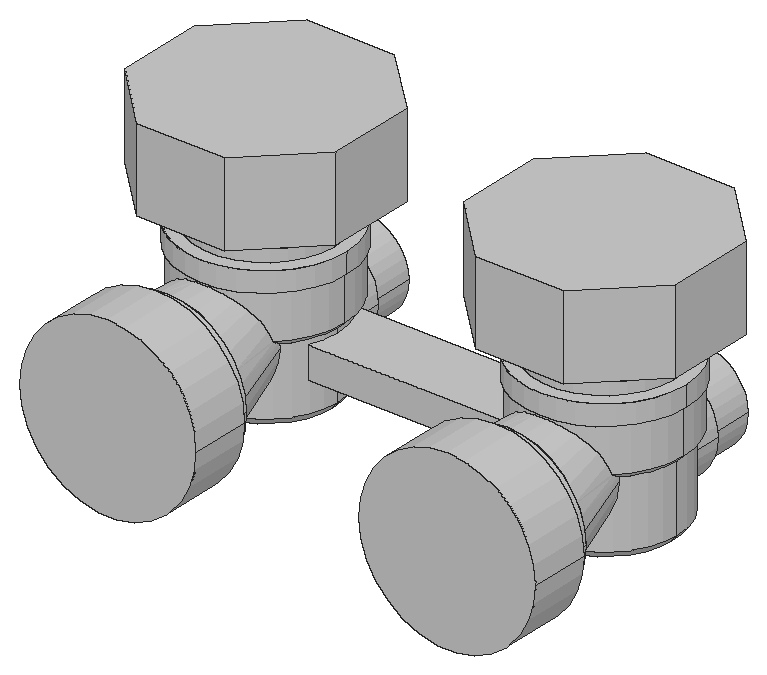
Revit family "ME_Оборудование [узел угловой для нижнего подключения радиатора угловой VT.345.NA]1 - VALTEC", category Оборудование, Revit 2018
Family settings
  Размер круглого соединителя = Использовать диаметр
  Классификация = Нет
  Тип детали = Вставляется
  На основе рабочей плоскости = Нет
  Всегда вертикально = Да
  При загрузке вырезать с полостями = Нет
  Общий = Нет
  Точка расчета площади = Нет
Parameters (values of type "VT.345.NA")
  Таблица 2 = "ME_Оборудование [узел угловой для нижнего подключения радиатора угловой VT.345.NA] - VALTEC - Таблица 2"  # constant formula
  Таблица 1 = "ME_Оборудование [узел угловой для нижнего подключения радиатора угловой VT.345.NA] - VALTEC - Таблица 1"  # constant formula
  Материал доп.2 = Латунь - VALTEC
  Материал доп.1 = Черный - VALTEC
  Изготовитель = "VALTEC"  # constant formula
  dn9 [instance] = size_lookup(Таблица 1, "dn9", 0 mm, d)  # 23.3 mm
  dn8 [instance] = size_lookup(Таблица 1, "dn8", 0 mm, d)  # 26 mm
  dn7 [instance] = size_lookup(Таблица 1, "dn7", 0 mm, d)  # 31.2 mm
  dn6 [instance] = size_lookup(Таблица 1, "dn6", 0 mm, d)  # 19.6 mm
  dn13 [instance] = size_lookup(Таблица 1, "dn13", 0 mm, d)  # 13.5 mm
  dn12 [instance] = size_lookup(Таблица 1, "dn12", 0 mm, d)  # 15.3 mm
  dn11 [instance] = size_lookup(Таблица 1, "dn11", 0 mm, d)  # 12.5 mm
  dn10 [instance] = size_lookup(Таблица 1, "dn10", 0 mm, d)  # 20.1 mm
  e7 [instance] = size_lookup(Таблица 1, "e7", 0 mm, d)  # 8.8 mm
  e6 [instance] = size_lookup(Таблица 1, "e6", 0 mm, d)  # 2.1 mm
  e5 [instance] = size_lookup(Таблица 1, "e5", 0 mm, d)  # 0.9 mm
  e4 [instance] = size_lookup(Таблица 1, "e4", 0 mm, d)  # 17.2 mm
  e3 [instance] = size_lookup(Таблица 1, "e3", 0 mm, d)  # 11.2 mm
  c3 [instance] = size_lookup(Таблица 1, "c3", 0 mm, d)  # 4.6 mm
  c2 [instance] = size_lookup(Таблица 1, "c2", 0 mm, d)  # 4.3 mm
  c1 [instance] = size_lookup(Таблица 1, "c1", 0 mm, d)  # 6.2 mm
  a9 [instance] = size_lookup(Таблица 1, "a9", 0 mm, d)  # 12.2 mm
  a8 [instance] = size_lookup(Таблица 1, "a8", 0 mm, d)  # 3.2 mm
  a7 [instance] = size_lookup(Таблица 1, "a7", 0 mm, d)  # 1.8 mm
  a6 [instance] = size_lookup(Таблица 1, "a6", 0 mm, d)  # 3 mm
  a5 [instance] = size_lookup(Таблица 1, "a5", 0 mm, d)  # 6.6 mm
  a4 [instance] = size_lookup(Таблица 1, "a4", 0 mm, d)  # 0.9 mm
  a3 [instance] = size_lookup(Таблица 1, "a3", 0 mm, d)  # 3 mm
  a2 [instance] = size_lookup(Таблица 1, "a2", 0 mm, d)  # 6.9 mm
  E [instance] = size_lookup(Таблица 1, "E", 0 mm, d)  # 47 mm
  D [instance] = size_lookup(Таблица 1, "D", 0 mm, d)  # 42 mm
  C [instance] = size_lookup(Таблица 1, "C", 0 mm, d)  # 26 mm
  B [instance] = size_lookup(Таблица 1, "B", 0 mm, d)  # 50 mm
  e2 [instance] = size_lookup(Таблица 1, "e2", 0 mm, d)  # 0.8 mm
  dn5 [instance] = size_lookup(Таблица 1, "dn5", 0 mm, d)  # 20.3 mm
  dn4 [instance] = size_lookup(Таблица 1, "dn4", 0 mm, d)  # 24.1 mm
  dn3 [instance] = size_lookup(Таблица 1, "dn3", 0 mm, d)  # 23.3 mm
  dn2 [instance] = size_lookup(Таблица 1, "dn2", 0 mm, d)  # 21.3 mm
  dn1 [instance] = size_lookup(Таблица 1, "dn1", 0 mm, d)  # 19.7 mm
  d [instance] = 20 mm
  e1 [instance] = size_lookup(Таблица 1, "e1", 0 mm, d)  # 5.9 mm
  a1 [instance] = size_lookup(Таблица 1, "a1", 0 mm, d)  # 1 mm
  URL = "https://valtec.ru/"
  ADSK_Расход жидкости [instance] = 0.0 L/s
  ADSK_Примечание [instance] = ""
  ADSK_Потеря давления жидкости [instance] = 0.0 Pa
  ADSK_Позиция [instance] = ""
  ADSK_Обозначение [instance] = "VT.345.NA"  # constant formula
  ADSK_Наименование [instance] = size_lookup(Таблица 1, "", "Данный типоразмер отсутствует", d)  # "Узел угловой для нижнего подключения радиатора угловой, 3/4\", «евроконус»"
  ADSK_Материал = Сталь, нержавеющая - VALTEC
  ADSK_Масса [instance] = 0
  ADSK_Марка [instance] = size_lookup(Таблица 2, "", "Данный типоразмер отсутствует", d)  # "VT.345.NA.05"
  ADSK_Код изделия [instance] = size_lookup(Таблица 2, "", "Данный типоразмер отсутствует", d)  # "VT.345.NA.05"
  ADSK_Завод-изготовитель [instance] = Изготовитель  # "VALTEC"
  ADSK_Единица измерения [instance] = "шт."  # constant formula
  ADSK_URL страницы изделия = "https://valtec.ru/catalog/radiatornaya_armatura/ruchnye_klapany_dlya_radiatorov/uzel_nijnego_podklyucheniya_radiatora_uglovoj.html"
  ADSK_URL документации изделия = "https://valtec.ru/document/technical/VT.345-r-k-na-kna-0119.pdf"
  A [instance] = size_lookup(Таблица 1, "A", 0 mm, d)  # 35 mm
Reference planes
  plane 1 "По центру (Вперед/Назад)": y = 0
  plane 2: z = 0
  plane 3 "По центру (Влево/Вправо)": x = 0
  plane 4: x = -25
  plane 5: z = 10.5
  plane 6: z = 3.9
  plane 7: x = 25
  plane 8: z = -7.9
  plane 9: z = -6.9
  plane 10: z = 3
  plane 11: z = 13.5
  plane 12: z = 15.3
  plane 13: z = 18.5
  plane 14: z = 30.7
  plane 15 "c1": z = 2.3
  plane 16 "c2": z = -2.3
  plane 17: y = -4.3
  plane 18: y = 6.2
  plane 19: y = 11.2
  plane 20: y = 12
  plane 21: y = 17.9
  plane 22: y = -17.2
  plane 23: y = -18.1
  plane 24: y = -20.2
  plane 25: y = -29
  plane 26: z = 3.8
  plane 27: z = 3.8
  plane 28: y = 19.871
  plane 29: x = -25.688
  plane 30: x = -24.312
  plane 31: x = 25.688
  plane 32: x = 24.312
Forms (mm)
  Extrusion 1, solid, material "Сталь, нержавеющая - VALTEC" <- "ADSK_Материал", detail levels medium+fine
    sketch origin (0, 0, 0) x (1, 0, 0) y (0, 1, 0)
      loop
        circle (-25, 0) r 10.65
      loop
        circle (25, 0) r 10.65
    from -6.9 to 3
  Blend 2, solid, material "Сталь, нержавеющая - VALTEC" <- "ADSK_Материал", detail levels medium+fine
    base sketch origin (0, 0, 0) x (1, 0, 0) y (0, 1, 0)
      loop
        circle (-25, 0) r 9.85
    top sketch origin (0, 0, 0) x (1, 0, 0) y (0, 1, 0)
      loop
        circle (-25, 0) r 10.65
    from -7.9 to -6.9
  Blend 3, solid, material "Сталь, нержавеющая - VALTEC" <- "ADSK_Материал", detail levels medium+fine
    base sketch origin (50, 0, 0) x (1, 0, 0) y (0, 1, 0)
      loop
        circle (-25, 0) r 9.85
    top sketch origin (50, 0, 0) x (1, 0, 0) y (0, 1, 0)
      loop
        circle (-25, 0) r 10.65
    from -7.9 to -6.9
  Blend 4, solid, material "Сталь, нержавеющая - VALTEC" <- "ADSK_Материал", detail levels medium+fine
    base sketch origin (0, 0, 0) x (1, 0, 0) y (0, 1, 0)
      loop
        circle (-25, 0) r 10.65
    top sketch origin (0, 0, 0) x (1, 0, 0) y (0, 1, 0)
      loop
        circle (-25, 0) r 11.65
    from 3 to 3.9
  Blend 5, solid, material "Сталь, нержавеющая - VALTEC" <- "ADSK_Материал", detail levels medium+fine
    base sketch origin (50, 0, 0) x (1, 0, 0) y (0, 1, 0)
      loop
        circle (-25, 0) r 10.65
    top sketch origin (50, 0, 0) x (1, 0, 0) y (0, 1, 0)
      loop
        circle (-25, 0) r 11.65
    from 3 to 3.9
  Extrusion 6, solid, material "Сталь, нержавеющая - VALTEC" <- "ADSK_Материал", detail levels medium+fine
    sketch origin (0, 0, 0) x (1, 0, 0) y (0, 1, 0)
      loop
        circle (25, 0) r 11.65
      loop
        circle (-25, 0) r 11.65
    from 3.9 to 10.5
  Extrusion 7, solid, material "Сталь, нержавеющая - VALTEC" <- "ADSK_Материал", detail levels medium+fine
    sketch origin (0, 0, 0) x (1, 0, 0) y (0, 1, 0)
      loop
        circle (25, 0) r 12.05
      loop
        circle (-25, 0) r 12.05
    from 10.5 to 13.5
  Extrusion 8, solid, material "Сталь, нержавеющая - VALTEC" <- "ADSK_Материал", detail levels medium+fine
    sketch origin (0, 0, 0) x (1, 0, 0) y (0, 1, 0)
      loop
        circle (-25, 0) r 10.15
      loop
        circle (25, 0) r 10.15
    from 13.5 to 15.3
  Extrusion 9, solid, material "Сталь, нержавеющая - VALTEC" <- "ADSK_Материал", detail levels medium+fine
    sketch origin (0, 0, 0) x (1, 0, 0) y (0, 1, 0)
      loop
        circle (-25, 0) r 9.8
      loop
        circle (25, 0) r 9.8
    from 18.5 to 15.3
  Extrusion 10, solid, material "Сталь, нержавеющая - VALTEC" <- "ADSK_Материал", detail levels medium+fine
    sketch origin (0, 0, 0) x (1, 0, 0) y (0, 0, 1)
      loop
        line (-25, 2.3) -> (-25, -2.3) -> (25, -2.3) -> (25, 2.3) -> (-25, 2.3)
    from -6.2 to 4.3
  Extrusion 11, solid, material "Сталь, нержавеющая - VALTEC" <- "ADSK_Материал", detail levels medium+fine
    sketch origin (0, 0, 0) x (1, 0, 0) y (0, 0, 1)
      loop
        circle (-25, 0) r 6.75
      loop
        circle (25, 0) r 6.75
    from -17.9 to -12
  Blend 12, solid, material "Сталь, нержавеющая - VALTEC" <- "ADSK_Материал", detail levels medium+fine
    base sketch origin (0, 0, 0) x (1, 0, 0) y (0, 0, 1)
      loop
        circle (-25, 0) r 6.75
    top sketch origin (0, 0, 0) x (1, 0, 0) y (0, 0, 1)
      loop
        circle (-25, 0) r 7.65
    from -12 to -11.2
  Blend 13, solid, material "Сталь, нержавеющая - VALTEC" <- "ADSK_Материал", detail levels medium+fine
    base sketch origin (50, 0, 0) x (1, 0, 0) y (0, 0, 1)
      loop
        circle (-25, 0) r 6.75
    top sketch origin (50, 0, 0) x (1, 0, 0) y (0, 0, 1)
      loop
        circle (-25, 0) r 7.65
    from -12 to -11.2
  Extrusion 14, solid, material "Сталь, нержавеющая - VALTEC" <- "ADSK_Материал", detail levels medium+fine
    sketch origin (0, 0, 0) x (1, 0, 0) y (0, 0, 1)
      loop
        circle (-25, 0) r 7.65
      loop
        circle (25, 0) r 7.65
    from -11.2 to 0
  Blend 15, solid, material "Сталь, нержавеющая - VALTEC" <- "ADSK_Материал", detail levels medium+fine
    base sketch origin (0, 0, 0) x (1, 0, 0) y (0, 0, 1)
      loop
        circle (-25, 0) r 10.05
    top sketch origin (0, 0, 0) x (1, 0, 0) y (0, 0, 1)
      loop
        circle (-25, 3.8) r 6.25
    from 17.2 to 0
  Blend 16, solid, material "Сталь, нержавеющая - VALTEC" <- "ADSK_Материал", detail levels medium+fine
    base sketch origin (50, 0, 0) x (1, 0, 0) y (0, 0, 1)
      loop
        circle (-25, 0) r 10.05
    top sketch origin (50, 0, 0) x (1, 0, 0) y (0, 0, 1)
      loop
        circle (-25, 3.8) r 6.25
    from 17.2 to 0
  Blend 17, solid, material "Сталь, нержавеющая - VALTEC" <- "ADSK_Материал", detail levels medium+fine
    base sketch origin (0, 0, 0) x (1, 0, 0) y (0, 0, 1)
      loop
        circle (-25, 0) r 11.65
    top sketch origin (0, 0, 0) x (1, 0, 0) y (0, 0, 1)
      loop
        circle (-25, 0) r 10.05
    from 18.1 to 17.2
  Blend 18, solid, material "Сталь, нержавеющая - VALTEC" <- "ADSK_Материал", detail levels medium+fine
    base sketch origin (50, 0, 0) x (1, 0, 0) y (0, 0, 1)
      loop
        circle (-25, 0) r 11.65
    top sketch origin (50, 0, 0) x (1, 0, 0) y (0, 0, 1)
      loop
        circle (-25, 0) r 10.05
    from 18.1 to 17.2
  Extrusion 19, solid, material "Сталь, нержавеющая - VALTEC" <- "ADSK_Материал", detail levels medium+fine
    sketch origin (0, 0, 0) x (1, 0, 0) y (0, 0, 1)
      loop
        circle (-25, 0) r 11.65
      loop
        circle (25, 0) r 11.65
    from 18.1 to 20.2
  Extrusion 20, solid, material "Сталь, нержавеющая - VALTEC" <- "ADSK_Материал", detail levels medium+fine
    sketch origin (0, 0, 0) x (1, 0, 0) y (0, 0, 1)
      loop
        circle (-25, 0) r 13
      loop
        circle (25, 0) r 13
    from 20.2 to 29
  Extrusion 21, solid, material "Латунь - VALTEC" <- "Материал доп.2", detail levels medium+fine
    sketch origin (0, 0, 0) x (1, 0, 0) y (0, 0, 1)
      loop
        circle (-25, 0) r 3.96
      loop
        circle (25, 0) r 4
    from -19.871 to -17.9
  Extrusion 22, void
    sketch origin (0, 0, 0) x (1, 0, 0) y (0, 1, 0)
      loop
        line (-25.688, 19.871) -> (-25.688, 17.9) -> (-24.312, 17.9) -> (-24.312, 19.871) -> (-25.688, 19.871)
      loop
        line (24.312, 19.871) -> (24.312, 17.9) -> (25.688, 17.9) -> (25.688, 19.871) -> (24.312, 19.871)
    from -5 to 5
Cuts and joins
  Extrusion 22 cuts Extrusion 1
  Extrusion 22 cuts Blend 2
  Extrusion 22 cuts Blend 3
  Extrusion 22 cuts Blend 4
  Extrusion 22 cuts Blend 5
  Extrusion 22 cuts Extrusion 6
  Extrusion 22 cuts Extrusion 7
  Extrusion 22 cuts Extrusion 8
  Extrusion 22 cuts Extrusion 9
  Extrusion 22 cuts Extrusion 10
  Extrusion 22 cuts Extrusion 11
  Extrusion 22 cuts Blend 12
  Extrusion 22 cuts Blend 13
  Extrusion 22 cuts Extrusion 14
  Extrusion 22 cuts Blend 15
  Extrusion 22 cuts Blend 16
  Extrusion 22 cuts Extrusion 19
  Extrusion 22 cuts Extrusion 20
  joined: Extrusion 1, Blend 2, Blend 3, Blend 4, Blend 5, Extrusion 6, Extrusion 7, Extrusion 8, Extrusion 9, Extrusion 10, Extrusion 11, Blend 12, Blend 13, Extrusion 14, Blend 15, Blend 16, Extrusion 19, Extrusion 20
  Extrusion 22 cuts Extrusion 21
Lines and regions (mm)
  reference lines
    curve 1: line (25, -20.2, 0) -> (25, 0, 0)
    curve 2: line (-25, -20.2, 0) -> (-25, 0, 0)
    curve 3: line (-25, 0, 30.7) -> (-25, 0, 0)
    curve 4: line (25, 0, 30.7) -> (25, 0, 0)
  model lines, detail levels coarse
    curve 5: line (25, -20.2, -15) -> (25, -20.2, 15)
    curve 6: line (25, -20.2, -15) -> (25, 0, 0)
    curve 7: line (25, -20.2, 15) -> (25, 0, 0)
    curve 8: line (25, 15, 20.2) -> (25, -15, 20.2)
    curve 9: line (25, 0, 0) -> (25, 15, 20.2)
    curve 10: line (25, 0, 0) -> (25, -15, 20.2)
    curve 11: line (25, 0, 20.2) -> (25, 0, 30.7)
    curve 12: line (25, -29, 0) -> (25, -20.2, 0)
    curve 13: line (-25, -20.2, -15) -> (-25, -20.2, 15)
    curve 14: line (-25, 15, 20.2) -> (-25, -15, 20.2)
    curve 15: line (-25, 0, 0) -> (-25, -15, 20.2)
    curve 16: line (-25, 0, 0) -> (-25, 15, 20.2)
    curve 17: line (-25, 0, 0) -> (-25, -20.2, 15)
    curve 18: line (-25, 0, 0) -> (-25, -20.2, -15)
    curve 19: line (-25, -29, 0) -> (-25, -20.2, 0)
    curve 20: line (-25, 0, 20.2) -> (-25, 0, 30.7)
  symbolic lines, detail levels coarse
    curve 21: line (-25, -29, 0) -> (-25, 0, 0)
    curve 22: line (25, -29, 0) -> (25, 0, 0)
Dimensions and locks
  equal spacing: plane 7, plane 3 "По центру (Влево/Вправо)", plane 4
  "B": plane 7 to plane 4
  "a1": plane 9 to plane 8
  "a2": plane 2 to plane 9
  "a3": plane 10 to plane 2
  "a4": plane 6 to plane 10
  "a5": plane 5 to plane 6
  "a6": plane 11 to plane 5
  "a7": plane 12 to plane 11
  "a8": plane 13 to plane 12
  "a9": plane 14 to plane 13
  equal spacing: plane 15 "c1", level, plane 16 "c2"
  "c3": plane 15 "c1" to plane 16 "c2"
  "c1": plane 1 "По центру (Вперед/Назад)" to plane 18
  "c2": plane 17 to plane 1 "По центру (Вперед/Назад)"
  "e3": plane 19 to plane 1 "По центру (Вперед/Назад)"
  "e2": plane 20 to plane 19
  "e1": plane 21 to plane 20
  "e4": plane 1 "По центру (Вперед/Назад)" to plane 22
  "e5": plane 22 to plane 23
  "e6": plane 23 to plane 24
  "e7": plane 24 to plane 25
  locked: plane 26 to plane 15 "c1" at 1.5
  locked: plane 27 to level at 3.8
  locked: plane 28 to plane 21 at 1.971
  locked: plane 29 to plane 4 at 0.688
  locked: plane 4 to plane 30 at 0.688
  locked: plane 32 to plane 7 at 0.688
  locked: plane 7 to plane 31 at 0.688
  locked: curve 8 to level at 20.2
  curve 8 to plane 1 "По центру (Вперед/Назад)" to curve 8 = 15 mm locked, 15 mm locked
  curve 7 to level to curve 6 = 15 mm locked, 15 mm locked
  locked: curve 14 to level at 20.2
  curve 13 to level to curve 13 = 15 mm locked, 15 mm locked
  curve 15 to plane 1 "По центру (Вперед/Назад)" to curve 16 = 15 mm locked, 15 mm locked
  "dn2": diameter of Extrusion 1 sketch curve  (x2)
  "dn1": diameter of Blend 2 sketch curve
  "dn2": diameter of Blend 2 sketch curve
  "dn1": diameter of Blend 3 sketch curve
  "dn2": diameter of Blend 3 sketch curve
  "dn2": diameter of Blend 4 sketch curve
  "dn3": diameter of Blend 4 sketch curve
  "dn2": diameter of Blend 5 sketch curve
  "dn3": diameter of Blend 5 sketch curve
  "dn3": diameter of Extrusion 6 sketch curve  (x2)
  "dn4": diameter of Extrusion 7 sketch curve  (x2)
  "dn5": diameter of Extrusion 8 sketch curve  (x2)
  "dn6": diameter of Extrusion 9 sketch curve  (x2)
  "dn13": diameter of Extrusion 11 sketch curve  (x2)
  "dn13": diameter of Blend 12 sketch curve
  "dn12": diameter of Blend 12 sketch curve
  "dn13": diameter of Blend 13 sketch curve
  "dn12": diameter of Blend 13 sketch curve
  "dn12": diameter of Extrusion 14 sketch curve  (x2)
  "dn10": diameter of Blend 15 sketch curve
  "dn11": diameter of Blend 15 sketch curve
  "dn10": diameter of Blend 16 sketch curve
  "dn11": diameter of Blend 16 sketch curve
  "dn9": diameter of Blend 17 sketch curve
  "dn10": diameter of Blend 17 sketch curve
  "dn9": diameter of Blend 18 sketch curve
  "dn10": diameter of Blend 18 sketch curve
  "dn9": diameter of Extrusion 19 sketch curve  (x2)
  "dn8": diameter of Extrusion 20 sketch curve  (x2)
  diameter of Extrusion 21 sketch curve = 7.92 mm
  diameter of Extrusion 21 sketch curve = 8 mm
  aligned and locked: level to plane 2
  aligned and locked: plane 7 to Extrusion 1 sketch curve
  aligned and locked: plane 4 to Extrusion 1 sketch curve
  aligned and locked: plane 1 "По центру (Вперед/Назад)" to Extrusion 1 sketch curve  (x2)
  aligned and locked: plane 1 "По центру (Вперед/Назад)" to Blend 2 sketch curve  (x2)
  aligned and locked: plane 4 to Blend 2 sketch curve  (x2)
  aligned and locked: plane 1 "По центру (Вперед/Назад)" to Blend 3 sketch curve  (x2)
  aligned and locked: plane 7 to Blend 3 sketch curve  (x2)
  aligned and locked: plane 9 to Blend 3
  aligned and locked: Blend 3 to plane 8
  aligned and locked: Extrusion 1 to plane 9
  aligned and locked: plane 10 to Extrusion 1
  aligned and locked: Blend 2 to plane 8
  aligned and locked: plane 9 to Blend 2
  aligned and locked: plane 1 "По центру (Вперед/Назад)" to Blend 4 sketch curve  (x2)
  aligned and locked: plane 4 to Blend 4 sketch curve  (x2)
  aligned and locked: plane 1 "По центру (Вперед/Назад)" to Blend 5 sketch curve  (x2)
  aligned and locked: plane 7 to Blend 5 sketch curve  (x2)
  aligned and locked: plane 1 "По центру (Вперед/Назад)" to Extrusion 6 sketch curve
  aligned and locked: plane 7 to Extrusion 6 sketch curve
  aligned and locked: plane 4 to Extrusion 6 sketch curve
  aligned and locked: Blend 4 to plane 10
  aligned and locked: plane 6 to Blend 4
  aligned and locked: Blend 5 to plane 10
  aligned and locked: plane 6 to Blend 5
  aligned and locked: Extrusion 6 to plane 6
  aligned and locked: plane 5 to Extrusion 6
  aligned and locked: plane 7 to Extrusion 7 sketch curve
  aligned and locked: plane 1 "По центру (Вперед/Назад)" to Extrusion 7 sketch curve  (x2)
  aligned and locked: plane 4 to Extrusion 7 sketch curve
  aligned and locked: Extrusion 7 to plane 5
  aligned and locked: plane 11 to Extrusion 7
  aligned and locked: plane 4 to Extrusion 8 sketch curve
  aligned and locked: plane 7 to Extrusion 8 sketch curve
  aligned and locked: plane 1 "По центру (Вперед/Назад)" to Extrusion 8 sketch curve  (x2)
  aligned and locked: plane 4 to Extrusion 9 sketch curve
  aligned and locked: plane 1 "По центру (Вперед/Назад)" to Extrusion 9 sketch curve  (x2)
  aligned and locked: plane 7 to Extrusion 9 sketch curve
  aligned and locked: Extrusion 8 to plane 11
  aligned and locked: Extrusion 9 to plane 12
  aligned and locked: plane 13 to Extrusion 9
  aligned and locked: plane 12 to Extrusion 8
  aligned and locked: plane 4 to nested 1
  aligned and locked: plane 1 "По центру (Вперед/Назад)" to nested 1
  aligned and locked: plane 1 "По центру (Вперед/Назад)" to nested 2
  aligned and locked: nested 2 to plane 7
  aligned and locked: nested 1 to plane 13
  aligned and locked: nested 2 to plane 13
  aligned and locked: Extrusion 10 sketch curve to plane 15 "c1"
  aligned and locked: plane 4 to Extrusion 10 sketch curve
  aligned and locked: plane 16 "c2" to Extrusion 10 sketch curve
  aligned and locked: plane 7 to Extrusion 10 sketch curve
  aligned and locked: plane 18 to Extrusion 10
  aligned and locked: plane 17 to Extrusion 10
  aligned and locked: plane 7 to Extrusion 11 sketch curve
  aligned and locked: level to Extrusion 11 sketch curve  (x2)
  aligned and locked: plane 4 to Blend 12 sketch curve  (x2)
  aligned and locked: level to Blend 12 sketch curve  (x2)
  aligned and locked: level to Blend 13 sketch curve  (x2)
  aligned and locked: plane 7 to Blend 13 sketch curve  (x2)
  aligned and locked: Extrusion 11 to plane 20
  aligned and locked: plane 21 to Extrusion 11
  aligned and locked: plane 20 to Blend 12
  aligned and locked: Blend 12 to plane 19
  aligned and locked: plane 20 to Blend 13
  aligned and locked: Blend 13 to plane 19
  aligned and locked: plane 4 to Extrusion 14 sketch curve
  aligned and locked: level to Extrusion 14 sketch curve  (x2)
  aligned and locked: plane 7 to Extrusion 14 sketch curve
  aligned and locked: plane 19 to Extrusion 14
  aligned and locked: plane 1 "По центру (Вперед/Назад)" to Extrusion 14
  aligned and locked: plane 4 to Blend 15 sketch curve  (x2)
  aligned and locked: level to Blend 15 sketch curve
  aligned and locked: Blend 15 to plane 22  (x2)
  aligned and locked: plane 26 to Blend 15 sketch curve
  aligned and locked: plane 27 to Blend 16 sketch curve
  aligned and locked: plane 7 to Blend 16 sketch curve  (x2)
  aligned and locked: level to Blend 16 sketch curve
  aligned and locked: Blend 16 to plane 1 "По центру (Вперед/Назад)"
  aligned and locked: Blend 15 to plane 1 "По центру (Вперед/Назад)"
  aligned and locked: Blend 16 to plane 22
  aligned and locked: level to Blend 17 sketch curve  (x2)
  aligned and locked: plane 4 to Blend 17 sketch curve  (x2)
  aligned and locked: level to Blend 18 sketch curve  (x2)
  aligned and locked: plane 7 to Blend 18 sketch curve  (x2)
  aligned and locked: Blend 17 to plane 23
  aligned and locked: plane 22 to Blend 18
  aligned and locked: Blend 18 to plane 23
  aligned and locked: plane 4 to Extrusion 19 sketch curve
  aligned and locked: level to Extrusion 19 sketch curve  (x2)
  aligned and locked: plane 7 to Extrusion 19 sketch curve
  aligned and locked: plane 4 to Extrusion 20 sketch curve
  aligned and locked: plane 7 to Extrusion 20 sketch curve
  aligned and locked: level to Extrusion 20 sketch curve  (x2)
  aligned and locked: plane 23 to Extrusion 19
  aligned and locked: Extrusion 19 to plane 24
  aligned and locked: plane 24 to Extrusion 20
  aligned and locked: plane 4 to Extrusion 21 sketch curve
  aligned and locked: level to Extrusion 21 sketch curve  (x2)
  aligned and locked: plane 7 to Extrusion 21 sketch curve
  aligned and locked: Extrusion 21 to plane 21
  aligned and locked: plane 28 to Extrusion 21
  aligned and locked: Extrusion 22 sketch curve to plane 28  (x2)
  aligned and locked: plane 29 to Extrusion 22 sketch curve
  aligned and locked: plane 21 to Extrusion 22 sketch curve  (x2)
  aligned and locked: plane 30 to Extrusion 22 sketch curve
  aligned and locked: plane 31 to Extrusion 22 sketch curve
  aligned and locked: plane 32 to Extrusion 22 sketch curve
  aligned and locked: plane 1 "По центру (Вперед/Назад)" to curve 2
  aligned and locked: plane 24 to curve 2
  aligned and locked: plane 1 "По центру (Вперед/Назад)" to curve 1
  aligned and locked: plane 24 to curve 1
  aligned and locked: plane 4 to curve 2
  aligned and locked: curve 1 to plane 7
  aligned and locked: level to curve 3
  aligned and locked: plane 14 to curve 3
  aligned and locked: level to curve 4
  aligned and locked: plane 14 to curve 4
  aligned and locked: curve 3 to plane 4
  aligned and locked: plane 7 to curve 4
  aligned and locked: curve 5 to plane 24
  aligned and locked: curve 8 to curve 11
  aligned and locked: plane 1 "По центру (Вперед/Назад)" to curve 11
  aligned and locked: plane 24 to curve 12
  aligned and locked: plane 25 to curve 12
  aligned and locked: level to curve 12
  aligned and locked: plane 24 to curve 13
  aligned and locked: curve 14 to curve 20
  aligned and locked: curve 20 to plane 1 "По центру (Вперед/Назад)"
  aligned and locked: plane 24 to curve 19
  aligned and locked: plane 25 to curve 19
  aligned and locked: curve 19 to level
  aligned and locked: plane 25 to curve 22
  aligned and locked: plane 25 to curve 21
  aligned and locked: plane 1 "По центру (Вперед/Назад)" to curve 21
  aligned and locked: plane 1 "По центру (Вперед/Назад)" to curve 22
  aligned and locked: curve 22 to plane 7
  aligned and locked: plane 4 to curve 21
  aligned and locked: plane 14 to curve 20
  aligned and locked: plane 14 to curve 11
Automatic sketch dimensions
  plane 1 "По центру (Вперед/Назад)" to Extrusion 6 sketch curve = 0 mm
  Extrusion 11 sketch curve to plane 4 = 0 mm
Nested families
  nested 1: "Гайка - вертикаль" at (-25, 0, 18.5) x (0.3827, 0.9239, 0) z (0, 0, 1), ADSK_Материал <- "ADSK_Материал", d <- "dn7", h <- "a9", type "Гайка - вертикаль", detail levels medium+fine
    with h 12.2 mm, d 31.2 mm, ADSK_Материал Сталь, нержавеющая - VALTEC
  nested 2: "Гайка - вертикаль" at (25, 0, 18.5) x (0.3827, 0.9239, 0) z (0, 0, 1), ADSK_Материал <- "ADSK_Материал", d <- "dn7", h <- "a9", type "Гайка - вертикаль", detail levels medium+fine
    with h 12.2 mm, d 31.2 mm, ADSK_Материал Сталь, нержавеющая - VALTEC
Connectors
  piping at (-25, -20.2, 0), diameter 20, driven by "d", driven by "ADSK_Расход жидкости", driven by "ADSK_Потеря давления жидкости"
    settings: on curve 2, index 1, connector inside diameter 609.6 mm, connector length 0 mm, flow factor 0, pipe flow 0.0 L/s, pressure drop 0.0 Pa, fitting loss kfactor 0, connector angle 0.00°, fixture units 0, engagement length 0 mm, angle of deflection 0.00°, flow configuration 0, flow direction 0, fitting loss method 4, system type 29, joint type 0, gender type 0, connector reference index 3, connector utility 0, adjustable connector no, is connector primary yes, connector description ""
  piping at (25, -20.2, 0), diameter 20, driven by "d", driven by "ADSK_Расход жидкости"
    settings: on curve 1, index 2, connector inside diameter 609.6 mm, connector length 0 mm, flow factor 0, pipe flow 0.0 L/s, pressure drop 0.0 Pa, fitting loss kfactor 0, connector angle 0.00°, fixture units 0, engagement length 0 mm, angle of deflection 0.00°, flow configuration 0, flow direction 0, fitting loss method 0, system type 29, joint type 0, gender type 0, connector reference index 4, connector utility 0, adjustable connector no, is connector primary no, connector description ""
  piping at (-25, 0, 30.7), diameter 20, driven by "d", driven by "ADSK_Расход жидкости"
    settings: on curve 3, index 3, connector inside diameter 609.6 mm, connector length 0 mm, flow factor 0, pipe flow 0.0 L/s, pressure drop 0.0 Pa, fitting loss kfactor 0, connector angle 0.00°, fixture units 0, engagement length 0 mm, angle of deflection 0.00°, flow configuration 0, flow direction 0, fitting loss method 0, system type 29, joint type 0, gender type 0, connector reference index 1, connector utility 0, adjustable connector no, is connector primary no, connector description ""
  piping at (25, 0, 30.7), diameter 20, driven by "d", driven by "ADSK_Расход жидкости"
    settings: on curve 4, index 4, connector inside diameter 609.6 mm, connector length 0 mm, flow factor 0, pipe flow 0.0 L/s, pressure drop 0.0 Pa, fitting loss kfactor 0, connector angle 0.00°, fixture units 0, engagement length 0 mm, angle of deflection 0.00°, flow configuration 0, flow direction 0, fitting loss method 0, system type 29, joint type 0, gender type 0, connector reference index 2, connector utility 0, adjustable connector no, is connector primary no, connector description ""
Definition of nested family "Гайка - вертикаль"
  Parameters (values of type "Гайка - вертикаль")
    h [instance] = 7.5 mm
    d [instance] = 11.918 mm
    ADSK_Материал [instance] = none
  Reference planes
    plane 1 "По центру (Вперед/Назад)": y = 0
    plane 2: z = 0
    plane 3 "По центру (Влево/Вправо)": x = 0
    plane 4: x = -6.45
    plane 5: x = 6.45
    plane 6: through (737.894, 1797.006, 1200) normal (0.9239, -0.3827, 0)
    plane 7: through (765.367, 1847.759, 1200) normal (0.9239, -0.3827, 0)
    plane 8: through (792.839, 1898.512, 1200) normal (0.9239, -0.3827, 0)
    plane 9: through (-737.894, 1797.006, 1200) normal (0.9239, 0.3827, 0)
    plane 10: through (-765.367, 1847.759, 1200) normal (0.9239, 0.3827, 0)
    plane 11: through (-792.839, 1898.512, 1200) normal (0.9239, 0.3827, 0)
    plane 12: through (1845.479, 770.872, 1200) normal (0.3827, -0.9239, 0)
    plane 13: through (1847.759, 765.367, 1200) normal (0.3827, -0.9239, 0)
    plane 14: through (1850.039, 759.861, 1200) normal (0.3827, -0.9239, 0)
    plane 15: through (-1845.479, 770.872, 1200) normal (0.3827, 0.9239, 0)
    plane 16: through (-1847.759, 765.367, 1200) normal (0.3827, 0.9239, 0)
    plane 17: through (-1850.039, 759.861, 1200) normal (0.3827, 0.9239, 0)
    plane 18: z = 7.5
  Forms (mm)
    Extrusion 1, solid, material <- "ADSK_Материал"
      sketch origin (0, 0, 0) x (1, 0, 0) y (0, 1, 0)
        loop
          line (0, 6.45) -> (-4.561, 4.561) -> (-6.45, 0) -> (-4.561, -4.561) -> (0, -6.45) -> (4.561, -4.561) -> (6.45, 0) -> (4.561, 4.561) -> (0, 6.45)
      from 0 to 7.5
  Lines and regions (mm)
    reference lines
      curve 1: line (-5.505, -2.28, 0) -> (5.505, 2.28, 0)
      curve 2: line (-2.28, 5.505, 0) -> (2.28, -5.505, 0)
  Dimensions and locks
    equal spacing: plane 4, plane 3 "По центру (Влево/Вправо)", plane 5
    locked: plane 4 to plane 5 at 12.9
    equal spacing: plane 6, plane 7, plane 8
    "d": plane 6 to plane 8
    equal spacing: plane 9, plane 10, plane 11
    "d": plane 9 to plane 11
    equal spacing: plane 12, plane 13, plane 14
    "d": plane 12 to plane 14
    equal spacing: plane 15, plane 16, plane 17
    "d": plane 15 to plane 17
    "h": plane 18 to plane 2
    aligned and locked: level to plane 2
    aligned and locked: plane 12 to Extrusion 1 sketch curve
    aligned and locked: plane 15 to Extrusion 1 sketch curve
    aligned and locked: plane 9 to Extrusion 1 sketch curve
    aligned and locked: Extrusion 1 sketch curve to plane 8
    aligned and locked: Extrusion 1 sketch curve to plane 14
    aligned and locked: Extrusion 1 sketch curve to plane 17
    aligned and locked: Extrusion 1 sketch curve to plane 11
    aligned and locked: plane 6 to Extrusion 1 sketch curve
    aligned and locked: plane 18 to Extrusion 1
    aligned and locked: plane 12 to curve 2
    aligned and locked: plane 14 to curve 2
    aligned and locked: plane 9 to curve 1
    aligned and locked: plane 11 to curve 1
    aligned and locked: curve 1 to plane 13
    aligned and locked: curve 2 to plane 10
